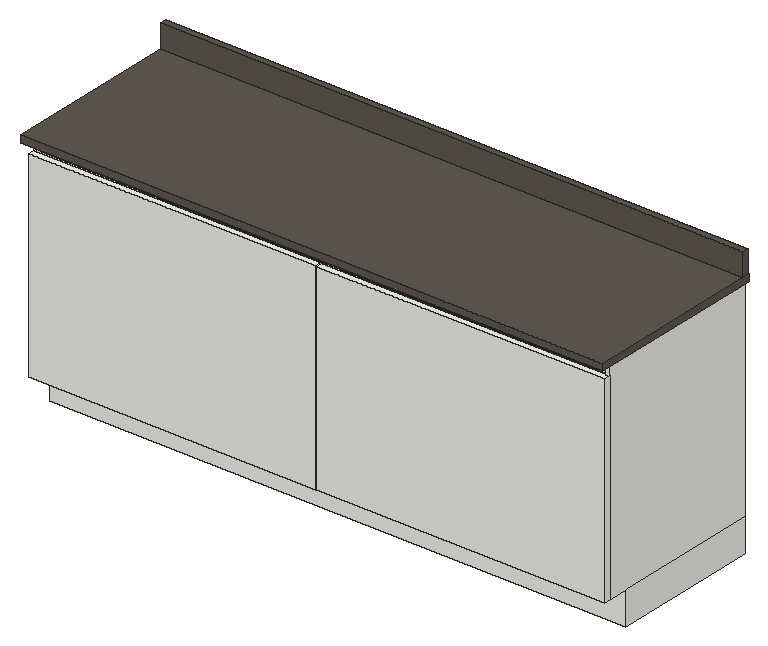
Revit family
Parameters (values of type "HD-파우더-vanity 1050")
  폭 = 1760 mm
  카운터 재질 = none
  상판 재질 = Render Material 38-28-19
  Assembly Code = ""
  세면기 [instance] = yes
  높이 = 760 mm
  깊이 = 550 mm
  가구 마감 = 가구-하이그로시
Reference planes
  plane 1 "중심(앞/뒤)": y = 0
  plane 2: z = 0
  plane 3 "중심(왼쪽/오른쪽)": x = 82.875
  plane 4: x = -797.125
  plane 5: x = 962.875
  plane 6: y = 550
  plane 7 "상판 상단": z = 760
  plane 8: z = 740
  plane 9 "하단 매스": z = 100
  plane 10 "하부장 문 앞쪽": y = 20
  plane 11: y = 100
  plane 12: x = -787.125
  plane 13: x = 952.875
  plane 14 "본 매스 정면": y = 38
  plane 15: x = 81.375
  plane 16: x = 84.375
  plane 17: z = 705
  plane 18: x = -777.125
  plane 19: x = 942.875
  plane 20: z = 695
Forms (mm)
  Extrusion 1, solid, material "Render Material 38-28-19" <- "상판 재질"
    sketch origin (0, 0, 0) x (1, 0, 0) y (0, 1, 0)
      loop
        line (-797.125, 550) -> (-797.125, 0) -> (962.875, 0) -> (962.875, 550) -> (-797.125, 550)
    from 740 to 760
  Extrusion 2, solid, material "가구-하이그로시" <- "가구 마감"
    sketch origin (0, 0, 100) x (-1, 0, 0) y (0, -1, 0)
      loop
        line (-952.875, -38) -> (-952.875, -550) -> (787.125, -550) -> (787.125, -38) -> (-952.875, -38)
    from 0 to 640
  Extrusion 3, solid, material "가구-하이그로시" <- "가구 마감"
    sketch origin (0, 0, 0) x (1, 0, 0) y (0, 1, 0)
      loop
        line (-787.125, 550) -> (-787.125, 100) -> (952.875, 100) -> (952.875, 550) -> (-787.125, 550)
    from 0 to 100
  Extrusion 4, solid, material "가구-하이그로시" <- "가구 마감"
    sketch origin (0, 20, 0) x (0, 0, -1) y (1, 0, 0)
      loop
        line (-705, -787.125) -> (-100, -787.125) -> (-100, 81.375) -> (-705, 81.375) -> (-705, -787.125)
      loop
        line (-705, 84.375) -> (-100, 84.375) -> (-100, 952.875) -> (-705, 952.875) -> (-705, 84.375)
    from -18 to 0
  Extrusion 5, void
    sketch origin (0, 38, 0) x (0, 0, -1) y (1, 0, 0)
      loop
        line (-740, 942.875) -> (-740, -777.125) -> (-695, -777.125) -> (-695, 942.875) -> (-740, 942.875)
    from -20 to 0
  Extrusion 6, solid, material "Render Material 38-28-19" <- "상판 재질"
    sketch origin (0, 0, 760) x (-1, 0, 0) y (0, -1, 0)
      loop
        line (797.125, -530) -> (-962.875, -530) -> (-962.875, -550) -> (797.125, -550) -> (797.125, -530)
    from 0 to 70
Cuts and joins
  Extrusion 5 cuts Extrusion 1
  Extrusion 5 cuts Extrusion 2
  Extrusion 5 cuts Extrusion 3
  Extrusion 5 cuts Extrusion 4
Dimensions and locks
  "깊이": plane 6 to plane 1 "중심(앞/뒤)"
  equal spacing: plane 4, plane 3 "중심(왼쪽/오른쪽)", plane 5
  "폭": plane 4 to plane 5
  "높이": plane 7 "상판 상단" to level
  locked: plane 7 "상판 상단" to plane 8 at 20
  plane 9 "하단 매스" to level = 100 mm
  plane 1 "중심(앞/뒤)" to plane 10 "하부장 문 앞쪽" to plane 11 = 20 mm locked, 80 mm locked
  locked: plane 4 to plane 12 at 10
  locked: plane 13 to plane 5 at 10
  plane 3 "중심(왼쪽/오른쪽)" to plane 15 = 1.5 mm
  plane 16 to plane 3 "중심(왼쪽/오른쪽)" = 1.5 mm
  locked: plane 8 to plane 17 at 35
  locked: plane 17 to plane 20 at 10
  locked: plane 19 to plane 13 at 10
  locked: plane 12 to plane 18 at 10
  locked: plane 6 to Extrusion 6 sketch curve at 20
  aligned and locked: Extrusion 1 sketch curve to plane 6
  aligned and locked: Extrusion 1 sketch curve to plane 4
  aligned and locked: plane 5 to Extrusion 1 sketch curve
  aligned and locked: Extrusion 1 sketch curve to plane 1 "중심(앞/뒤)"
  aligned and locked: Extrusion 1 to plane 8
  aligned and locked: Extrusion 2 sketch curve to Extrusion 1
  aligned and locked: Extrusion 2 sketch curve to plane 12
  aligned and locked: plane 13 to Extrusion 2 sketch curve
  aligned and locked: Extrusion 2 sketch curve to plane 14 "본 매스 정면"
  aligned and locked: plane 8 to Extrusion 2
  aligned and locked: Extrusion 3 sketch curve to plane 11
  aligned and locked: plane 13 to Extrusion 3 sketch curve
  aligned and locked: Extrusion 3 sketch curve to plane 12
  aligned and locked: Extrusion 3 sketch curve to plane 6
  aligned and locked: plane 9 "하단 매스" to Extrusion 3
  aligned and locked: plane 7 "상판 상단" to Extrusion 1
  aligned and locked: Extrusion 4 sketch curve to plane 12
  aligned and locked: plane 13 to Extrusion 4 sketch curve
  aligned and locked: Extrusion 4 sketch curve to Extrusion 2  (x2)
  aligned and locked: Extrusion 4 sketch curve to plane 15
  aligned and locked: Extrusion 4 sketch curve to plane 16
  aligned and locked: plane 17 to Extrusion 4  (x2)
  aligned and locked: plane 18 to Extrusion 5 sketch curve
  aligned and locked: Extrusion 5 sketch curve to cut or joined group of Extrusion 1, Extrusion 5
  aligned and locked: Extrusion 5 sketch curve to plane 19
  aligned and locked: Extrusion 5 sketch curve to plane 20
  aligned and locked: plane 6 to Extrusion 6 sketch curve
  aligned and locked: Extrusion 6 sketch curve to plane 5
  aligned and locked: plane 4 to Extrusion 6 sketch curve
Automatic sketch dimensions
  Extrusion 4 sketch curve to plane 17 = 0 mm
  Extrusion 4 sketch curve to Extrusion 4 sketch curve = 0 mm
